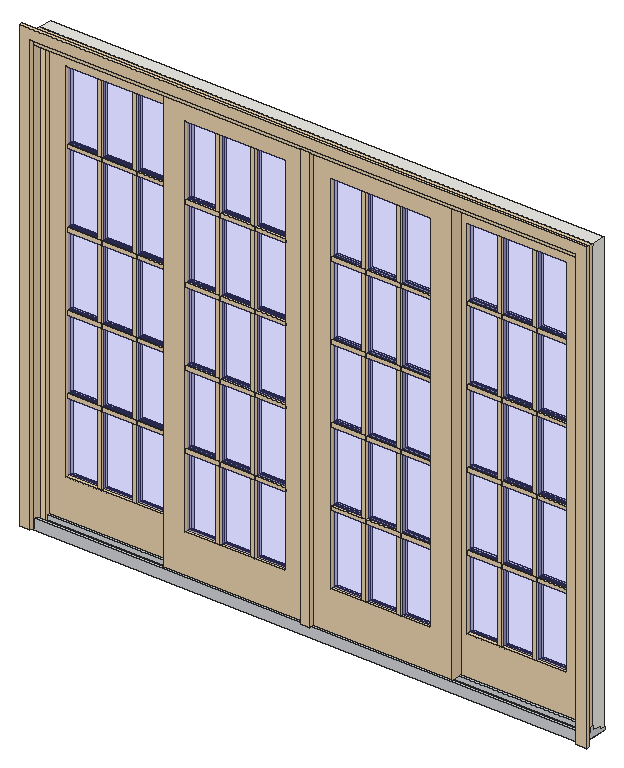
Revit family "Door-Gliding-Andersen-A_Series-Quad 4", category Doors, host Wall, Revit 2013 (continued)
Automatic sketch dimensions
  curve 314 to curve 308 = 0' - 0"
  curve 311 to curve 314 = 0' - 0"
  curve 307 to curve 308 = 0' - 0"
  curve 309 to curve 308 = 0' - 0"
  curve 308 to curve 306 = 0' - 2.075"
  curve 315 to curve 306 = 0' - 0"  (x2)
  curve 309 to curve 306 = 0' - 0"  (x2)
  curve 307 to curve 306 = 0' - 0"
  curve 306 to curve 310 = 0' - 0.28"
  curve 305 to curve 310 = 0' - 0"
  curve 313 to curve 310 = 0' - 0"
  curve 315 to curve 310 = 0' - 0"  (x2)
  curve 305 to curve 304 = 0' - 1.9385"
  curve 313 to curve 304 = 0' - 0"
  curve 303 to curve 304 = 0' - 0"  (x2)
  curve 305 to curve 304 = 0' - 0"
  curve 303 to curve 302 = 0' - 1.3685"
  curve 303 to curve 302 = 0' - 0"
  curve 312 to curve 302 = 0' - 0"
  curve 302 to curve 303 = 0' - 0.74863"
  curve 302 to curve 303 = 0' - 0"
  curve 302 to curve 304 = 0' - 0.0713"
  curve 303 to curve 306 = 0' - 0.33928"
  curve 303 to curve 313 = 0' - 0.46376"
  curve 312 to curve 309 = 0' - 1.4488"
  curve 308 to curve 309 = 0' - 0"
  curve 306 to curve 313 = 0' - 0.32344"
  curve 310 to curve 313 = 0' - 0"
  curve 308 to curve 314 = 0' - 0.4102"
  curve 310 to curve 305 = 0' - 0.37636"
  curve 307 to curve 314 = 0' - 0"
  curve 304 to curve 305 = 0' - 0"
  curve 308 to curve 307 = 0' - 0"
  curve 305 to curve 310 = 0' - 0.24289"
  curve 307 to curve 311 = 0' - 0.313"
  curve 310 to curve 306 = 0' - 0.07011"
  curve 314 to curve 311 = 0' - 0"
  curve 312 to curve 311 = 0' - 0"
  profile plane to Sweep 7 sketch curve = 0' - 0"
  Sweep 7 sketch curve to Sweep 7 sketch curve = 0' - 0.71805"
Nested families (in)
  nested 1: "Andersen Grille Bar" at (47.22917, 0.03325, 50.5) x (-1, 0, 0) z (0, 1, 0), Bar Length <- "TS V Bar Length", Bar Width <- "Grille Bar Size", visible <- "TS M V", type "Andersen Grille Bar"
    with Glass / 2 0' - 0 13/64", Glass 0' - 0 25/32", Center Line Length 6' - 7 7/8", Center Line 2, Bar Width 0' - 0 7/8", Bar Length 6' - 7 7/8"
  nested 2: "Andersen Grille Bar" at (19.60417, -2.30075, 50.5) x (-1, 0, 0) z (0, 1, 0), Bar Length <- "TS V Bar Length", Bar Width <- "Grille Bar Size", visible <- "TS M V", type "Andersen Grille Bar"
    with Glass / 2 0' - 0 13/64", Glass 0' - 0 25/32", Center Line Length 6' - 7 7/8", Center Line 2, Bar Width 0' - 0 7/8", Bar Length 6' - 7 7/8"
  nested 3: "Andersen Grille Bar" at (43.4375, 0.03325, 50.5) x (-1, 0, 0) z (0, 1, 0), Bar Length <- "TS V Bar Length", Bar Width <- "Grille Bar Size", visible <- "TS S V", type "Andersen Grille Bar"
    with Glass / 2 0' - 0 13/64", Glass 0' - 0 25/32", Center Line Length 6' - 7 7/8", Center Line 2, Bar Width 0' - 0 7/8", Bar Length 6' - 7 7/8"
  nested 4: "Andersen Grille Bar" at (-39.64583, 0.03325, 50.5) x (-1, 0, 0) z (0, 1, 0), Bar Length <- "TS V Bar Length", Bar Width <- "Grille Bar Size", visible <- "TS M V", type "Andersen Grille Bar"
    with Glass / 2 0' - 0 13/64", Glass 0' - 0 25/32", Center Line Length 6' - 7 7/8", Center Line 2, Bar Width 0' - 0 7/8", Bar Length 6' - 7 7/8"
  nested 5: "Andersen Grille Bar" at (-43.4375, 0.03325, 50.5) x (-1, 0, 0) z (0, 1, 0), Bar Length <- "TS V Bar Length", Bar Width <- "Grille Bar Size", visible <- "TS S V", type "Andersen Grille Bar"
    with Glass / 2 0' - 0 13/64", Glass 0' - 0 25/32", Center Line Length 6' - 7 7/8", Center Line 2, Bar Width 0' - 0 7/8", Bar Length 6' - 7 7/8"
  nested 6: "Andersen Grille Bar" at (15.8125, -2.30075, 50.5) x (-1, 0, 0) z (0, 1, 0), Bar Length <- "TS V Bar Length", Bar Width <- "Grille Bar Size", visible <- "TS S V", type "Andersen Grille Bar"
    with Glass / 2 0' - 0 13/64", Glass 0' - 0 25/32", Center Line Length 6' - 7 7/8", Center Line 2, Bar Width 0' - 0 7/8", Bar Length 6' - 7 7/8"
  nested 7: "Andersen Grille Bar" at (-12.02083, -2.30075, 50.5) x (-1, 0, 0) z (0, 1, 0), Bar Length <- "TS V Bar Length", Bar Width <- "Grille Bar Size", visible <- "TS M V", type "Andersen Grille Bar"
    with Glass / 2 0' - 0 13/64", Glass 0' - 0 25/32", Center Line Length 6' - 7 7/8", Center Line 2, Bar Width 0' - 0 7/8", Bar Length 6' - 7 7/8"
  nested 8: "Andersen Grille Bar" at (-15.8125, -2.30075, 50.5) x (-1, 0, 0) z (0, 1, 0), Bar Length <- "TS V Bar Length", Bar Width <- "Grille Bar Size", visible <- "TS S V", type "Andersen Grille Bar"
    with Glass / 2 0' - 0 13/64", Glass 0' - 0 25/32", Center Line Length 6' - 7 7/8", Center Line 2, Bar Width 0' - 0 7/8", Bar Length 6' - 7 7/8"
  nested 9: "Andersen Grille Bar" at (39.64583, 0.03325, 50.5) x (-1, 0, 0) z (0, 1, 0), Bar Length <- "TS V Bar Length", Bar Width <- "Grille Bar Size", visible <- "TS M V", type "Andersen Grille Bar"
    with Glass / 2 0' - 0 13/64", Glass 0' - 0 25/32", Center Line Length 6' - 7 7/8", Center Line 2, Bar Width 0' - 0 7/8", Bar Length 6' - 7 7/8"
  nested 10: "Andersen Grille Bar" at (12.02083, -2.30075, 50.5) x (-1, 0, 0) z (0, 1, 0), Bar Length <- "TS V Bar Length", Bar Width <- "Grille Bar Size", visible <- "TS M V", type "Andersen Grille Bar"
    with Glass / 2 0' - 0 13/64", Glass 0' - 0 25/32", Center Line Length 6' - 7 7/8", Center Line 2, Bar Width 0' - 0 7/8", Bar Length 6' - 7 7/8"
  nested 11: "Andersen Grille Bar" at (-19.60417, -2.30075, 50.5) x (-1, 0, 0) z (0, 1, 0), Bar Length <- "TS V Bar Length", Bar Width <- "Grille Bar Size", visible <- "TS M V", type "Andersen Grille Bar"
    with Glass / 2 0' - 0 13/64", Glass 0' - 0 25/32", Center Line Length 6' - 7 7/8", Center Line 2, Bar Width 0' - 0 7/8", Bar Length 6' - 7 7/8"
  nested 12: "Andersen Grille Bar" at (-47.22917, 0.03325, 50.5) x (-1, 0, 0) z (0, 1, 0), Bar Length <- "TS V Bar Length", Bar Width <- "Grille Bar Size", visible <- "TS M V", type "Andersen Grille Bar"
    with Glass / 2 0' - 0 13/64", Glass 0' - 0 25/32", Center Line Length 6' - 7 7/8", Center Line 2, Bar Width 0' - 0 7/8", Bar Length 6' - 7 7/8"
  nested 13: "Andersen Grille Bar" at (43.4375, 0.03325, 50.5) x (0, 0, 1) z (0, 1, 0), Bar Length <- "H DLO", Bar Width <- "Grille Bar Size", visible <- "TS S H Craftsman", type "Andersen Grille Bar"
    with Glass / 2 0' - 0 13/64", Glass 0' - 0 25/32", Center Line Length 1' - 9 7/8", Center Line 2, Bar Width 0' - 0 7/8", Bar Length 1' - 9 7/8"
  nested 14: "Andersen Grille Bar" at (15.8125, -2.30075, 50.5) x (0, 0, 1) z (0, 1, 0), Bar Length <- "H DLO", Bar Width <- "Grille Bar Size", visible <- "TS S H Craftsman", type "Andersen Grille Bar"
    with Glass / 2 0' - 0 13/64", Glass 0' - 0 25/32", Center Line Length 1' - 9 7/8", Center Line 2, Bar Width 0' - 0 7/8", Bar Length 1' - 9 7/8"
  nested 15: "Andersen Grille Bar" at (43.4375, 0.03325, 74.725) x (0, 0, 1) z (0, 1, 0), Bar Length <- "H DLO", Bar Width <- "Grille Bar Size", visible <- "TS M H", type "Andersen Grille Bar"
    with Glass / 2 0' - 0 13/64", Glass 0' - 0 25/32", Center Line Length 1' - 9 7/8", Center Line 2, Bar Width 0' - 0 7/8", Bar Length 1' - 9 7/8"
  nested 16: "Andersen Grille Bar" at (-43.4375, 0.03325, 50.5) x (0, 0, 1) z (0, 1, 0), Bar Length <- "H DLO", Bar Width <- "Grille Bar Size", visible <- "TS S H Craftsman", type "Andersen Grille Bar"
    with Glass / 2 0' - 0 13/64", Glass 0' - 0 25/32", Center Line Length 1' - 9 7/8", Center Line 2, Bar Width 0' - 0 7/8", Bar Length 1' - 9 7/8"
  nested 17: "Andersen Grille Bar" at (-43.4375, 0.03325, 74.725) x (0, 0, 1) z (0, 1, 0), Bar Length <- "H DLO", Bar Width <- "Grille Bar Size", visible <- "TS M H", type "Andersen Grille Bar"
    with Glass / 2 0' - 0 13/64", Glass 0' - 0 25/32", Center Line Length 1' - 9 7/8", Center Line 2, Bar Width 0' - 0 7/8", Bar Length 1' - 9 7/8"
  nested 18: "Andersen Grille Bar" at (15.8125, -2.30075, 74.725) x (0, 0, 1) z (0, 1, 0), Bar Length <- "H DLO", Bar Width <- "Grille Bar Size", visible <- "TS M H", type "Andersen Grille Bar"
    with Glass / 2 0' - 0 13/64", Glass 0' - 0 25/32", Center Line Length 1' - 9 7/8", Center Line 2, Bar Width 0' - 0 7/8", Bar Length 1' - 9 7/8"
  nested 19: "Andersen Grille Bar" at (-15.8125, -2.30075, 74.725) x (0, 0, 1) z (0, 1, 0), Bar Length <- "H DLO", Bar Width <- "Grille Bar Size", visible <- "TS M H", type "Andersen Grille Bar"
    with Glass / 2 0' - 0 13/64", Glass 0' - 0 25/32", Center Line Length 1' - 9 7/8", Center Line 2, Bar Width 0' - 0 7/8", Bar Length 1' - 9 7/8"
  nested 20: "Andersen Grille Bar" at (-15.8125, -2.30075, 50.5) x (0, 0, 1) z (0, 1, 0), Bar Length <- "H DLO", Bar Width <- "Grille Bar Size", visible <- "TS S H Craftsman", type "Andersen Grille Bar"
    with Glass / 2 0' - 0 13/64", Glass 0' - 0 25/32", Center Line Length 1' - 9 7/8", Center Line 2, Bar Width 0' - 0 7/8", Bar Length 1' - 9 7/8"
  nested 21: "Andersen Grille Bar" at (43.4375, 0.03325, 26.275) x (0, 0, 1) z (0, 1, 0), Bar Length <- "H DLO", Bar Width <- "Grille Bar Size", visible <- "TS M H", type "Andersen Grille Bar"
    with Glass / 2 0' - 0 13/64", Glass 0' - 0 25/32", Center Line Length 1' - 9 7/8", Center Line 2, Bar Width 0' - 0 7/8", Bar Length 1' - 9 7/8"
  nested 22: "Andersen Grille Bar" at (15.8125, -2.30075, 26.275) x (0, 0, 1) z (0, 1, 0), Bar Length <- "H DLO", Bar Width <- "Grille Bar Size", visible <- "TS M H", type "Andersen Grille Bar"
    with Glass / 2 0' - 0 13/64", Glass 0' - 0 25/32", Center Line Length 1' - 9 7/8", Center Line 2, Bar Width 0' - 0 7/8", Bar Length 1' - 9 7/8"
  nested 23: "Andersen Grille Bar" at (-15.8125, -2.30075, 26.275) x (0, 0, 1) z (0, 1, 0), Bar Length <- "H DLO", Bar Width <- "Grille Bar Size", visible <- "TS M H", type "Andersen Grille Bar"
    with Glass / 2 0' - 0 13/64", Glass 0' - 0 25/32", Center Line Length 1' - 9 7/8", Center Line 2, Bar Width 0' - 0 7/8", Bar Length 1' - 9 7/8"
  nested 24: "Andersen Grille Bar" at (-43.4375, 0.03325, 26.275) x (0, 0, 1) z (0, 1, 0), Bar Length <- "H DLO", Bar Width <- "Grille Bar Size", visible <- "TS M H", type "Andersen Grille Bar"
    with Glass / 2 0' - 0 13/64", Glass 0' - 0 25/32", Center Line Length 1' - 9 7/8", Center Line 2, Bar Width 0' - 0 7/8", Bar Length 1' - 9 7/8"
  nested 25: "Andersen Grille Bar" at (-43.4375, 0.03325, 50.5) x (0, 0, 1) z (0, 1, 0), Bar Length <- "H DLO", Bar Width <- "Grille Bar Size", visible <- "TS S H", type "Andersen Grille Bar"
    with Glass / 2 0' - 0 13/64", Glass 0' - 0 25/32", Center Line Length 1' - 9 7/8", Center Line 2, Bar Width 0' - 0 7/8", Bar Length 1' - 9 7/8"
  nested 26: "Andersen Grille Bar" at (43.4375, 0.03325, 50.5) x (0, 0, 1) z (0, 1, 0), Bar Length <- "H DLO", Bar Width <- "Grille Bar Size", visible <- "TS S H", type "Andersen Grille Bar"
    with Glass / 2 0' - 0 13/64", Glass 0' - 0 25/32", Center Line Length 1' - 9 7/8", Center Line 2, Bar Width 0' - 0 7/8", Bar Length 1' - 9 7/8"
  nested 27: "Andersen Grille Bar" at (15.8125, -2.30075, 50.5) x (0, 0, 1) z (0, 1, 0), Bar Length <- "H DLO", Bar Width <- "Grille Bar Size", visible <- "TS S H", type "Andersen Grille Bar"
    with Glass / 2 0' - 0 13/64", Glass 0' - 0 25/32", Center Line Length 1' - 9 7/8", Center Line 2, Bar Width 0' - 0 7/8", Bar Length 1' - 9 7/8"
  nested 28: "Andersen Grille Bar" at (-15.8125, -2.30075, 50.5) x (0, 0, 1) z (0, 1, 0), Bar Length <- "H DLO", Bar Width <- "Grille Bar Size", visible <- "TS S H", type "Andersen Grille Bar"
    with Glass / 2 0' - 0 13/64", Glass 0' - 0 25/32", Center Line Length 1' - 9 7/8", Center Line 2, Bar Width 0' - 0 7/8", Bar Length 1' - 9 7/8"
  nested 29: "Andersen Grille Bar" at (43.4375, 0.03325, 58.575) x (0, 0, 1) z (0, 1, 0), Bar Length <- "H DLO", Bar Width <- "Grille Bar Size", visible <- "TS M H", type "Andersen Grille Bar"
    with Glass / 2 0' - 0 13/64", Glass 0' - 0 25/32", Center Line Length 1' - 9 7/8", Center Line 2, Bar Width 0' - 0 7/8", Bar Length 1' - 9 7/8"
  nested 30: "Andersen Grille Bar" at (43.4375, 0.03325, 42.425) x (0, 0, 1) z (0, 1, 0), Bar Length <- "H DLO", Bar Width <- "Grille Bar Size", visible <- "TS M H", type "Andersen Grille Bar"
    with Glass / 2 0' - 0 13/64", Glass 0' - 0 25/32", Center Line Length 1' - 9 7/8", Center Line 2, Bar Width 0' - 0 7/8", Bar Length 1' - 9 7/8"
  nested 31: "Andersen Grille Bar" at (15.8125, -2.30075, 58.575) x (0, 0, 1) z (0, 1, 0), Bar Length <- "H DLO", Bar Width <- "Grille Bar Size", visible <- "TS M H", type "Andersen Grille Bar"
    with Glass / 2 0' - 0 13/64", Glass 0' - 0 25/32", Center Line Length 1' - 9 7/8", Center Line 2, Bar Width 0' - 0 7/8", Bar Length 1' - 9 7/8"
  nested 32: "Andersen Grille Bar" at (15.8125, -2.30075, 42.425) x (0, 0, 1) z (0, 1, 0), Bar Length <- "H DLO", Bar Width <- "Grille Bar Size", visible <- "TS M H", type "Andersen Grille Bar"
    with Glass / 2 0' - 0 13/64", Glass 0' - 0 25/32", Center Line Length 1' - 9 7/8", Center Line 2, Bar Width 0' - 0 7/8", Bar Length 1' - 9 7/8"
  nested 33: "Andersen Grille Bar" at (-15.8125, -2.30075, 58.575) x (0, 0, 1) z (0, 1, 0), Bar Length <- "H DLO", Bar Width <- "Grille Bar Size", visible <- "TS M H", type "Andersen Grille Bar"
    with Glass / 2 0' - 0 13/64", Glass 0' - 0 25/32", Center Line Length 1' - 9 7/8", Center Line 2, Bar Width 0' - 0 7/8", Bar Length 1' - 9 7/8"
  nested 34: "Andersen Grille Bar" at (-15.8125, -2.30075, 42.425) x (0, 0, 1) z (0, 1, 0), Bar Length <- "H DLO", Bar Width <- "Grille Bar Size", visible <- "TS M H", type "Andersen Grille Bar"
    with Glass / 2 0' - 0 13/64", Glass 0' - 0 25/32", Center Line Length 1' - 9 7/8", Center Line 2, Bar Width 0' - 0 7/8", Bar Length 1' - 9 7/8"
  nested 35: "Andersen Grille Bar" at (-43.4375, 0.03325, 58.575) x (0, 0, 1) z (0, 1, 0), Bar Length <- "H DLO", Bar Width <- "Grille Bar Size", visible <- "TS M H", type "Andersen Grille Bar"
    with Glass / 2 0' - 0 13/64", Glass 0' - 0 25/32", Center Line Length 1' - 9 7/8", Center Line 2, Bar Width 0' - 0 7/8", Bar Length 1' - 9 7/8"
  nested 36: "Andersen Grille Bar" at (-43.4375, 0.03325, 42.425) x (0, 0, 1) z (0, 1, 0), Bar Length <- "H DLO", Bar Width <- "Grille Bar Size", visible <- "TS M H", type "Andersen Grille Bar"
    with Glass / 2 0' - 0 13/64", Glass 0' - 0 25/32", Center Line Length 1' - 9 7/8", Center Line 2, Bar Width 0' - 0 7/8", Bar Length 1' - 9 7/8"
Definition of nested family "Andersen Grille Bar"
  Parameters (values of type "Andersen Grille Bar")
    Interior Bar Visibility = yes
    Interior Bar Material = none
    Glass / 2 [instance] = (Glass / 2) - 0' 0 3/16"  # 0' - 0 1/8"
    Glass [instance] = 0' - 0 5/8"
    Exterior Bar Visibility = yes
    Exterior Bar Finish = none
    Default Elevation = 4' - 0"
    Center Line Length [instance] = if(Center Line = 1, Bar Length + (Bar Width / 2), Bar Length)  # 0' - 4 7/16"
    Center Line [instance] = 1
    Between Glass Bar Visibility = yes
    Between Glass Bar Finish = none
    Bar Width [instance] = 0' - 0 7/8"
    Bar Length [instance] = 0' - 4"
  Reference planes (in)
    plane 1 "Center (Front/Back)": y = 0
    plane 2 "a": z = 0
    plane 3 "Center (Left/Right)": x = 0
    plane 4 "1": x = -0.4375
    plane 5 "2": x = 0.4375
    plane 6: y = 2
    plane 7: y = -2
    plane 8 "b": z = -0.625
    plane 9: z = -0.125
    plane 10: y = -2.4375
    plane 11 "a1": z = 12
    plane 12 "a2": z = -12
  Forms (in)
    Extrusion 1, solid
      sketch origin (0, 0, 0) x (1, 0, 0) y (0, 1, 0)
        loop
          line (-48, 48) -> (-48, -48) -> (48, -48) -> (48, 48) -> (-48, 48)
      from 0 to -12
    Extrusion 2, solid, material <- "Exterior Bar Finish", visible <- "Exterior Bar Visibility", detail levels fine
      sketch origin (0, 0, 0) x (1, 0, 0) y (0, 1, 0)
        loop
          line (-0.4375, 2) -> (-0.4375, -2) -> (0.4375, -2) -> (0.4375, 2) -> (-0.4375, 2)
      from 0 to 0.375
    Extrusion 3, solid, material <- "Between Glass Bar Finish", visible <- "Between Glass Bar Visibility", detail levels fine
      sketch origin (0, 0, 0) x (1, 0, 0) y (0, 1, 0)
        loop
          line (-0.4375, 2) -> (-0.4375, -2) -> (0.4375, -2) -> (0.4375, 2) -> (-0.4375, 2)
      from -0.5 to -0.125
    Extrusion 4, solid, material <- "Interior Bar Material", visible <- "Interior Bar Visibility", detail levels fine
      sketch origin (0, 0, 0) x (1, 0, 0) y (0, 1, 0)
        loop
          line (-0.4375, 2) -> (-0.4375, -2) -> (0.4375, -2) -> (0.4375, 2) -> (-0.4375, 2)
      from -1 to -0.625
  Lines and regions (in)
    model lines, style "GenericModel", detail levels coarse+medium
      curve 1: line (0, 2, 0) -> (0, -2.4375, 0)
    symbolic lines, style "GenericModel", detail levels coarse+medium
      curve 2: line (0, 2, 12) -> (0, -2.4375, 12)
      curve 3: line (0, 2, -12) -> (0, -2.4375, -12)
    model lines, style "InvisibleLines", not visible, detail levels coarse
      curve 4: line (0, 0, 12) -> (0, 0, -12)
    symbolic lines, detail levels fine
      curve 5: line (-0.4375, 2, 0) -> (-0.4375, -2, 0)
      curve 6: line (0.4375, 2, 0) -> (0.4375, -2, 0)
  Dimensions and locks (in)
    "Glass": plane 2 "a" to plane 8 "b"
    "Glass / 2": plane 2 "a" to plane 9
    locked: Extrusion 2 to Extrusion 2 at 0.375
    locked: plane 9 to Extrusion 3 at 0.375
    locked: plane 8 "b" to Extrusion 4 at 0.375
    equal spacing: plane 4 "1", plane 3 "Center (Left/Right)", plane 5 "2"
    equal spacing: plane 6, plane 1 "Center (Front/Back)", plane 7
    "Bar Width": plane 4 "1" to plane 5 "2"
    "Bar Length": plane 6 to plane 7
    "Center Line Length": plane 6 to plane 10
    locked: plane 11 "a1" to plane 2 "a" at 12
    locked: plane 2 "a" to plane 12 "a2" at 12
    aligned and locked: plane 2 "a" to Extrusion 1
    aligned and locked: level to Extrusion 1
    aligned and locked: Extrusion 2 to plane 2 "a"
    aligned and locked: Extrusion 2 to plane 4 "1"
    aligned and locked: plane 5 "2" to Extrusion 2
    aligned and locked: plane 6 to Extrusion 2
    aligned and locked: Extrusion 2 to plane 7
    aligned and locked: plane 9 to Extrusion 3
    aligned and locked: Extrusion 3 to plane 4 "1"
    aligned and locked: plane 5 "2" to Extrusion 3
    aligned and locked: plane 6 to Extrusion 3
    aligned and locked: Extrusion 3 to plane 7
    aligned and locked: plane 8 "b" to Extrusion 4
    aligned and locked: Extrusion 4 to plane 4 "1"
    aligned and locked: plane 5 "2" to Extrusion 4
    aligned and locked: plane 6 to Extrusion 4
    aligned and locked: Extrusion 4 to plane 7
    aligned and locked: plane 6 to curve 1
    aligned and locked: plane 10 to curve 1
    aligned and locked: curve 1 to plane 3 "Center (Left/Right)"
    aligned and locked: plane 6 to curve 2
    aligned and locked: plane 10 to curve 2
    aligned and locked: curve 2 to plane 3 "Center (Left/Right)"
    aligned and locked: plane 6 to curve 3
    aligned and locked: plane 10 to curve 3
    aligned and locked: curve 3 to plane 3 "Center (Left/Right)"
    aligned and locked: plane 11 "a1" to curve 4
    aligned and locked: plane 12 "a2" to curve 4
    aligned and locked: curve 4 to plane 1 "Center (Front/Back)"
    aligned and locked: plane 6 to curve 5
    aligned and locked: plane 6 to curve 6
    aligned and locked: plane 7 to curve 6
    aligned and locked: plane 7 to curve 5
    aligned and locked: curve 5 to plane 4 "1"
    aligned and locked: curve 6 to plane 5 "2"
  Automatic sketch dimensions
    Extrusion 1 sketch curve to Extrusion 1 sketch curve = 8' - 0"  (x2)
    plane 7 to Extrusion 2 sketch curve = 0' - 0"
    Extrusion 2 sketch curve to plane 5 "2" = 0' - 0 7/8"
    Extrusion 2 sketch curve to plane 6 = 0' - 0"
    Extrusion 2 sketch curve to Extrusion 2 sketch curve = 0' - 0 7/8"
    plane 7 to Extrusion 3 sketch curve = 0' - 0"
    Extrusion 3 sketch curve to plane 5 "2" = 0' - 0 7/8"
    Extrusion 3 sketch curve to plane 6 = 0' - 0"
    Extrusion 3 sketch curve to Extrusion 3 sketch curve = 0' - 0 7/8"
    Extrusion 4 sketch curve to plane 7 = 0' - 0"
    Extrusion 4 sketch curve to plane 5 "2" = 0' - 0 7/8"
    Extrusion 4 sketch curve to plane 6 = 0' - 0"
    Extrusion 4 sketch curve to Extrusion 4 sketch curve = 0' - 0 7/8"
